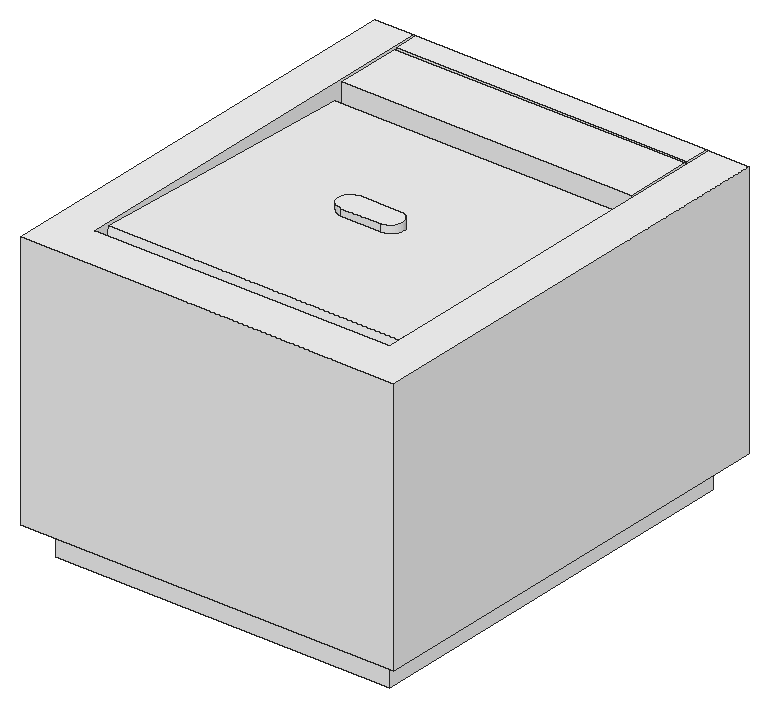
Revit family "Gira_015530", category Electrical Fixtures, host Face, Revit 2017
Family settings
  Host = Face
  Maintain Annotation Orientation = Yes
  Round Connector Dimension = Use Diameter
  Part Type = Normal
  Cut with Voids When Loaded = No
  Shared = No
  Room Calculation Point = No
Parameters (values of type "Wipptaster Serientaster WG AP Grau")
  Zusammenstellung = "Basiselement mit Komplettgehäuse"
  White [instance] = White
  Werkstoffgüte = "sonstige"
  Werkstoff = "sonstige"
  URL = "http://katalog.gira.de/de_DE/datenblatt.html?artikelnr=015530"
  Transparent = "No"
  Textfeld/Beschriftungsfläche = "Yes"
  Rückmeldekontakt = "No"
  Region = "DE"
  Oberfläche = "sonstige"
  Nennspannung = "250 Volt"
  Name = "Wipptaster Serientaster WG AP Grau"
  Montageart = "auf Putz"
  Mit Beleuchtung = "No"
  Manufacturer URL = "https://www.gira.de/"
  Kontakte = "2 Schließer"
  HeinzeBIM = "https://bimportal.heinze.de/bim/wipptaster-serientaster-wg-ap-grau/93cf1ac2a1465b734f2e7b9f61284943460ce876"
  Halogenfrei = "No"
  HAN = "015530"
  Geeignet für Schutzart (IP) = "IP44"
  GTIN = "4010337155300"
  Farbe = "grau"
  Default Elevation = 1219.2 mm
  Data sheet (1) = "https://katalog.gira.de/de_DE/download.html?artikelnr=015530"
  Category = "Taster"
  Befestigungsart = "Schraubbefestigung"
  Bedienungsart = "Wippe"
  Available = "Yes"
  Ausführung = "Serientaster"
  Aufdruck = "ohne"
  Anzahl der Betätigungswippen = "2 "
Reference planes
  plane 1 "Center (Front/Back)": y = 0
  plane 2: z = 0
  plane 3 "Center (Left/Right)": x = 0
  plane 4: x = 30
  plane 5: x = -30
  plane 6: z = 41.4
Forms (mm)
  Extrusion 1, solid, material "White" <- "White", detail levels medium+fine
    sketch origin (0, 0, 0) x (1, 0, 0) y (0, 1, 0)
      loop
        line (-34, 41) -> (-34, -41) -> (34, -41) -> (34, 41) -> (-34, 41)
    from 0 to -6.2
  Extrusion 2, solid, material "White" <- "White", detail levels medium+fine
    sketch origin (0, 0, 0) x (1, 0, 0) y (0, 1, 0)
      loop
        line (-38, 45) -> (-38, -45) -> (38, -45) -> (38, 45) -> (-38, 45)
    from 0 to 52.4
  Extrusion 3, void
    sketch origin (0, 0, 0) x (1, 0, 0) y (0, 0, 1)
      loop
        line (-30, 59.413) -> (-30, 41.4) -> (30, 41.4) -> (30, 59.413) -> (-30, 59.413)
    from 36 to -113.06
  Extrusion 4, solid, material "White" <- "White", detail levels medium
    sketch origin (225, 0, 0) x (1, 0, 0) y (0, 1, 0)
      loop
        line (-254.5, 44.5) -> (-254.5, -35.5) -> (-195.5, -35.5) -> (-195.5, 44.5) -> (-254.5, 44.5)
    from 41.4 to 52.4
  Extrusion 5, solid, material "White" <- "White", detail levels fine
    sketch origin (0, 0, 0) x (1, 0, 0) y (0, 1, 0)
      loop
        line (-29.5, 45) -> (-29.5, 40) -> (29.5, 40) -> (29.5, 45) -> (-29.5, 45)
    from 41.4 to 52.4
  Extrusion 6, solid, material "White" <- "White", detail levels fine
    sketch origin (0, 0, 0) x (1, 0, 0) y (0, 1, 0)
      loop
        line (29.5, 39.5) -> (-29.5, 39.5) -> (-29.5, 26) -> (29.5, 26) -> (29.5, 39.5)
    from 41.4 to 52.4
  Extrusion 7, solid, material "White" <- "White", detail levels fine
    sketch origin (0, 0, 0) x (1, 0, 0) y (0, 1, 0)
      loop
        arc (-4, -1) -> (-6.5, -3.5) -> (-4, -6) r 2.5
        line (-4, -6) -> (4, -6)
        arc (4, -6) -> (6.5, -3.5) -> (4, -1) r 2.5
        line (4, -1) -> (-4, -1)
    from 41.4 to 52.4
  Extrusion 8, solid, material "White" <- "White", detail levels coarse
    sketch origin (0, 0, 0) x (1, 0, 0) y (0, 1, 0)
      loop
        line (-38, 46) -> (-38, -45) -> (38, -45) -> (38, 46) -> (-38, 46)
    from -6.2 to 52.4
  Extrusion 9, solid, material "White" <- "White", detail levels medium+fine
    sketch origin (0, 0, 0) x (1, 0, 0) y (0, 0, 1)
      loop
        circle (0, 14) r 3.6
    from -46 to -45
  Extrusion 10, solid, material "White" <- "White", detail levels fine
    sketch origin (0, 0, 0) x (0, 1, 0) y (0, 0, 1)
      loop
        line (-36, 41.4) -> (26, 41.4) -> (24.38, 49.736) -> (-33.115, 52.169) -> (-36, 41.4)
    from -29.5 to 29.5
Cuts and joins
  Extrusion 3 cuts Extrusion 2
Dimensions and locks
  aligned and locked: plane 2 to host face
  aligned and locked: level to host face
  aligned and locked: plane 3 "Center (Left/Right)" to nested 1
  aligned and locked: plane 1 "Center (Front/Back)" to nested 1
Nested families
  nested 1: "Schalter" at (0, 0, 0), type "Schalter"
Connectors
  electrical at (0, 0, -6.2)
    settings: on Extrusion 1, index 1, voltage 224 V, apparent load 0 VA, apparent load phase1 0 VA, apparent load phase2 0 VA, apparent load phase3 0 VA, power factor 1, load classification "Other", number of poles 1, system type 30, power factor state 1, is connector primary yes, connector utility no, sub classification motor no, connector description ""
Definition of nested family "Schalter"
  Reference planes
    plane 1: y = 0
    plane 2: x = 0
  Lines and regions (mm)
    detail lines
      curve 1: circle (1.375, 2.778, 0) r 0.8 normal (0, 0, 1)
      curve 2: line (1.021, 2.061, 0) -> (0, 0, 0)
      curve 3: line (0, 0, 0) -> (-0.538, 0.266, 0)
  Dimensions and locks
    curve 2 to curve 2 = 2.3 mm
    curve 3 to curve 2 = 0.6 mm
    radius of curve 1 = 0.8 mm
